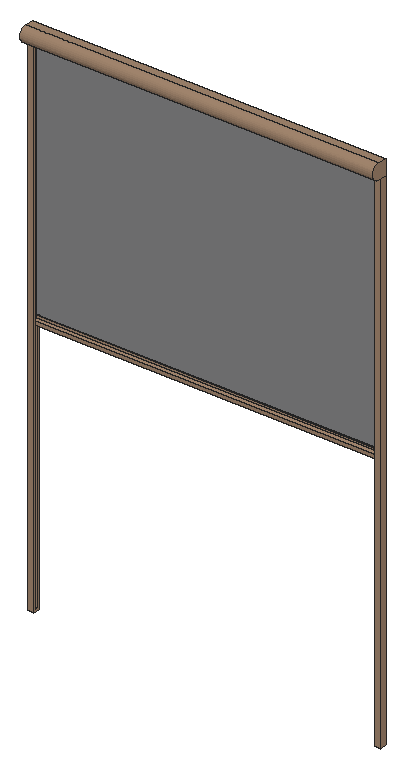
Revit family "Screen_Window_SereneSeries_PhantomScreens", category Windows, host Wall, Revit 2015
Parameters (values of type "Type as Specified")
  URL = "http://www.phantomscreens.com/"
  Track Depth = 0' - 0 57/64"
  Specification = "http://www.phantomscreens.com/architects-designers/specifications-binder/"
  Slide Bar Height = 0' - 1 13/32"
  Slide Bar Depth = 0' - 0 23/32"
  Screen Thickness = 0' - 0 1/32"
  Screen = Suntex 80 - Charcoal
  Sales Information = "http://www.phantomscreens.com/support/"
  Revision = "R1_08-2016"
  Product Properties = "http://www.phantomscreens.com/drive/uploads/2015/05/technical_specs_serene.pdf"
  Product Data = "http://www.arcat.com/arcatcos/cos9540/arc40535.html"
  Percent Open [instance] = 50
  Model = "Serene Series"
  Manufacturer Website = "http://www.phantomscreens.com/"
  Manufacturer Phone - Toll Free = ""
  Manufacturer Phone = "604-855-3654"
  Manufacturer Fax = "604-855-7834"
  Manufacturer Address = "30451 Simpson Rd.; Abbotsford; BC; Canada V2T 6C7"
  Manufacturer = "Phantom Screens"
  Keynote = "08 11 00"
  Installation-Fabrication = "http://www.phantomscreens.com/architects-designers/options/"
  Housing Depth = 0' - 2 19/64"
  Housing Height = 0' - 2 7/64"
  Height [instance] = 6' - 0"
  Drawn By = "Sumex Design - Robert S Weygant"
  Description = "Phantom Screens Serene Series Screen"
  Default Sill Height = 3' - 0"
  Wall Closure = By host
  Width [instance] = 4' - 0"
  Copyright = "� 2016 ARCAT Inc."
  Construction Details = "http://www.arcat.com/details/phantoms/95prod3446.html"
  Assembly Code = "B2020400"
  Amount Open [instance] = Height * (Percent Open / 100)  # 3' - 0"
  Aluminum Track = Dark Acacia
  Aluminum Slide Bar = Dark Acacia
  Aluminum Housing = Dark Acacia
Reference planes (in)
  plane 1 "Center (Front/Back)": y = 0
  plane 2: z = 0
  plane 3 "Center (Left/Right)": x = 0
  plane 4 "Left": x = -24
  plane 5 "Right": x = 24
  plane 6 "Sill": z = 36
  plane 7 "Top": z = 108
  plane 8: z = 110.10938
  plane 9: x = 24.89062
  plane 10: x = -24.89062
  plane 11: y = -3
  plane 12: y = -5.29688
  plane 13: y = -3.71875
  plane 14: y = -3.89062
  plane 15: z = 72
  plane 16: z = 73.40625
  plane 17: y = -3.35938
  plane 18: y = -3.39062
Forms (in)
  Extrusion 1, solid, material "Dark Acacia" <- "Aluminum Track"
    sketch origin (0, 0, 0) x (1, 0, 0) y (0, 0, 1)
      loop
        line (24.89062, 108) -> (24, 108) -> (24, 36) -> (24.89062, 36) -> (24.89062, 108)
    from 3 to 3.89062
  Extrusion 2, solid, material "Dark Acacia" <- "Aluminum Track"
    sketch origin (0, 0, 0) x (-1, 0, 0) y (0, 0, -1)
      loop
        line (24.89062, -108) -> (24.89062, -36) -> (24, -36) -> (24, -108) -> (24.89062, -108)
    from 3 to 3.89062
  Extrusion 3, solid, material "Dark Acacia" <- "Aluminum Slide Bar"
    sketch origin (0, 0, 0) x (0, 1, 0) y (0, 0, 1)
      loop
        line (-3, 73.40625) -> (-3.44467, 73.40625) -> (-3.44467, 73.37363) -> (-3.42188, 73.35084) -> (-3.42188, 73.02273) -> (-3.71875, 72.72586) -> (-3.71875, 72.22976) -> (-3.39063, 72) -> (-3, 72) -> (-3, 73.40625)
    from -24 to 24
  Extrusion 4, solid, material "Suntex 80 - Charcoal" <- "Screen"
    sketch origin (0, 0, 0) x (0, 1, 0) y (0, 0, 1)
      loop
        line (-3.35938, 73.40625) -> (-3.35938, 108) -> (-3.39062, 108) -> (-3.39062, 73.40625) -> (-3.35938, 73.40625)
    from -24 to 24
  Extrusion 5, solid, material "Dark Acacia" <- "Aluminum Housing"
    sketch origin (0, 0, 0) x (0, 1, 0) y (0, 0, 1)
      loop
        line (-3, 110.10938) -> (-4.23437, 110.10938)
        arc (-4.23437, 110.10938) -> (-5.28906, 109.05469) -> (-4.23437, 108) r 1.05469
        line (-4.23437, 108) -> (-3, 108) -> (-3, 110.10938)
    from -24.89062 to 24.89063
  Extrusion 6, void
    sketch origin (0, 0, 36) x (0, -1, 0) y (1, 0, 0)
      loop
        line (3.16233, -24) -> (3.16233, -24.76557) -> (3.71875, -24.76557) -> (3.71875, -24) -> (3.16233, -24)
      loop
        line (3.16233, 24) -> (3.71875, 24) -> (3.71875, 24.76557) -> (3.16233, 24.76557) -> (3.16233, 24)
    from 0.26418 to 72
Cuts and joins
  Extrusion 6 cuts Extrusion 1
  Extrusion 6 cuts Extrusion 2
Text (in)
  text "EXTERIOR" at (-69.21001, -25.56818, 0), in view "Ref. Level"
  text "INTERIOR" at (-66.85452, 30.38598, 0), in view "Ref. Level"
  text "Exterior" at (0, 43.65631, 123.19604), in view "Left"
  text "Exterior" at (0, 18.29385, 125.04747), in view "Right"
Dimensions and locks (in)
  equal spacing: plane 4 "Left", plane 3 "Center (Left/Right)", plane 5 "Right"
  "Width": plane 4 "Left" to plane 5 "Right"
  "Height": plane 6 "Sill" to plane 7 "Top"
  "Default Sill Height": plane 2 to plane 6 "Sill"
  "Housing Height": plane 7 "Top" to plane 8
  "Slide Bar Depth": plane 11 to plane 13
  "Housing Depth": plane 11 to plane 12
  "Track Depth": plane 11 to plane 14
  "Screen Thickness": plane 17 to plane 18
  "Slide Bar Height": plane 15 to plane 16
  "Track Depth": plane 5 "Right" to plane 9
  "Track Depth": plane 10 to plane 4 "Left"
  "Amount Open": plane 15 to plane 6 "Sill"
  aligned and locked: level to plane 2
  aligned and locked: Extrusion 1 to plane 11
  aligned and locked: Extrusion 2 to plane 4 "Left"
  aligned and locked: plane 10 to Extrusion 2  (x2)
  aligned and locked: plane 16 to Extrusion 3 sketch curve
  aligned and locked: Extrusion 3 sketch curve to plane 11
  aligned and locked: Extrusion 3 sketch curve to plane 15
  aligned and locked: plane 13 to Extrusion 3 sketch curve
  aligned and locked: Extrusion 3 to Extrusion 4 sketch curve
  aligned and locked: Extrusion 4 sketch curve to plane 17
  aligned and locked: plane 7 "Top" to Extrusion 4 sketch curve
  aligned and locked: plane 18 to Extrusion 4 sketch curve
  aligned and locked: Extrusion 3 to plane 5 "Right"
  aligned and locked: Extrusion 4 to plane 5 "Right"
  aligned and locked: plane 5 "Right" to Extrusion 3  (x2)
  aligned and locked: Extrusion 1 to plane 9  (x2)
  aligned and locked: plane 4 "Left" to Extrusion 3
  aligned and locked: plane 16 to Extrusion 3  (x2)
  aligned and locked: Extrusion 3 to plane 15  (x2)
  aligned and locked: Extrusion 4 to plane 7 "Top"
  aligned and locked: plane 5 "Right" to Extrusion 1
  aligned and locked: plane 14 to Extrusion 2
  aligned and locked: Extrusion 4 to plane 18
  aligned and locked: plane 17 to Extrusion 4
  aligned and locked: Extrusion 2 to plane 11
  aligned and locked: Extrusion 2 to plane 14
  aligned and locked: Extrusion 4 to plane 16
  aligned and locked: plane 13 to Extrusion 3
  aligned and locked: Extrusion 3 to plane 11
  aligned and locked: plane 4 "Left" to Extrusion 4
  aligned and locked: plane 8 to Extrusion 5 sketch curve
  aligned and locked: plane 7 "Top" to Extrusion 5 sketch curve
  aligned and locked: plane 13 to Extrusion 6 sketch curve
  aligned and locked: Extrusion 6 sketch curve to plane 5 "Right"
  aligned and locked: Extrusion 5 to plane 9
  aligned and locked: plane 10 to Extrusion 5
  aligned and locked: plane 8 to Extrusion 5
  aligned and locked: plane 7 "Top" to Extrusion 5
  aligned and locked: Extrusion 6 to plane 7 "Top"
  aligned and locked: plane 14 to Extrusion 1
  aligned and locked: Extrusion 6 sketch curve to plane 13
Automatic sketch dimensions
  plane 4 "Left" to Extrusion 2 sketch curve = 0' - 0"
  Extrusion 2 sketch curve to plane 6 "Sill" = 0' - 0"
  plane 10 to Extrusion 2 sketch curve = 0' - 0"
  Extrusion 2 sketch curve to plane 7 "Top" = 0' - 0"
  plane 5 "Right" to Extrusion 1 sketch curve = 0' - 0"
  Extrusion 1 sketch curve to plane 6 "Sill" = 0' - 0"
  plane 9 to Extrusion 1 sketch curve = 0' - 0"
  Extrusion 1 sketch curve to plane 7 "Top" = 0' - 0"
  plane 14 to Extrusion 5 sketch curve = 0' - 0 11/32"
  Extrusion 5 sketch curve to host wall = 0' - 0"
  Extrusion 3 sketch curve to plane 18 = 0' - 0"
  Extrusion 3 sketch curve to plane 18 = 0' - 0 1/32"
  Extrusion 3 sketch curve to plane 16 = 0' - 0.38352"
  Extrusion 3 sketch curve to plane 16 = 0' - 0.05541"
  Extrusion 3 sketch curve to plane 18 = 0' - 0.05405"
  Extrusion 3 sketch curve to Extrusion 3 sketch curve = 0' - 0.22976"
  Extrusion 3 sketch curve to Extrusion 3 sketch curve = 0' - 0 19/64"
  Extrusion 3 sketch curve to plane 16 = 0' - 0.03262"
  Extrusion 6 sketch curve to plane 4 "Left" = 0' - 0"
  host wall to Extrusion 6 sketch curve = 0' - 0.16233"  (x2)
  Extrusion 6 sketch curve to plane 10 = 0' - 0.12505"
  plane 9 to Extrusion 6 sketch curve = 0' - 0.12505"
